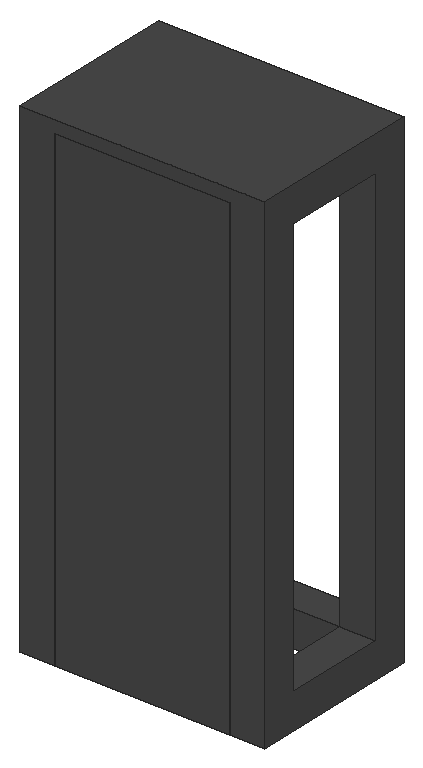
Revit family "3-722-xx Aperto", category Lighting Fixtures, host Wall, Revit 2018
Family settings
  Host = Wall
  Round Connector Dimension = Use Diameter
  Part Type = Normal
  OmniClass Number = 23.80.70.00
  OmniClass Title = Lighting
  Always vertical = Yes
  Cut with Voids When Loaded = No
  Light Source = Yes
  Shared = No
  Room Calculation Point = No
Parameters (values of type "3-722-15 / Black - White Frost Glass")
  Width = 6.00"
  Wattage Comments = "12.0 W at 120 V"  # constant formula
  Wattage = 12 W
  built-in parameter 1150110 = 1 (stored number, unit not read)
  Voltage Input = "120 V or 277 V - 50/60 Hz"  # constant formula
  Voltage = 120 V
  URL = "www.oxygenlighting.com"
  built-in parameter 1114217 = 1 (stored number, unit not read)
  Tilt Angle = 0.00°
  built-in parameter 1150109 = 1 (stored number, unit not read)
  built-in parameter 1150134 = (empty or 0)
  built-in parameter 1150113 = 1 (stored number, unit not read)
  References = "Ref. 3 = 120 V / Ref. 37 = 277 V"  # constant formula
  Photometric Web File = "3-722-15 Aperto Outdoor.ies"
  Model = "3-722-xx Aperto Outdoor"  # constant formula
  Metal Finish = 15 - Black
  Manufacturer = "Oxygen - Lighting & Fans"  # constant formula
  Main Diffuser = White Frost Glass
  Lumens = 464.4 lm
  built-in parameter 1150115 = 1 (stored number, unit not read)
  built-in parameter 1150105 = 36.956 (stored number, unit not read)
  built-in parameter 1150137 = (empty or 0)
  built-in parameter 1150139 = (empty or 0)
  Length = 4.25"
  built-in parameter 1150112 = 1 (stored number, unit not read)
  built-in parameter 1150114 = 1 (stored number, unit not read)
  Lamp = "LED Array"  # constant formula
  built-in parameter 1150132 = (empty or 0)
  built-in parameter 1150102 = (empty or 0)
  built-in parameter 1150138 = (empty or 0)
  built-in parameter 1150107 = 3000 (stored number, unit not read)
  built-in parameter 1150106 = 0.36956 (stored number, unit not read)
  Height = 12.00"
  built-in parameter 1150104 = 3.5953 (stored number, unit not read)
  Dimming Lamp Color Temperature Shift = <None>
  Diffuser Height = 11.33858"
  Color Filter = 16777215
  built-in parameter 1114218 = 1 (stored number, unit not read)
  built-in parameter 1150133 = 10 (stored number, unit not read)
Reference planes (in)
  plane 1: y = 0
  plane 2 "Light Source Axis (F/B)": y = 5.125
  plane 3 "Light Source Axis (L/R)": x = -1.43133
  plane 4 "Light Source Elevation": z = 77.42225
  plane 5 "Wall Face": y = 3
  plane 6: y = 7.25
Forms (in)
  Extrusion 1, solid, material "15 - Black" <- "Metal Finish"
    sketch origin (0, 3, 0) x (1, 0, 0) y (0, 0, 1)
      loop
        line (1.56867, 83.42225) -> (-4.43133, 83.42225) -> (-4.43133, 71.42225) -> (1.56867, 71.42225) -> (1.56867, 83.42225)
      loop
        line (-3.56518, 72.28839) -> (0.70253, 72.28839) -> (0.70253, 82.55611) -> (-3.56518, 82.55611) -> (-3.56518, 72.28839)
    from -4.25 to -3.38386
  Revolve 2, solid, material "White Frost Glass" <- "Main Diffuser"
    sketch origin (0, 5.125, 0) x (1, 0, 0) y (0, 0, 1)
      loop
        line (-1.43133, 83.09154) -> (-2.61243, 83.09154) -> (-2.61243, 71.75296) -> (-1.43133, 71.75296) -> (-1.43133, 83.09154)
      axis (-1.43133, 71.75296) -> (-1.43133, 83.09154)
    angle from 0 to 360
  Revolve 3, solid, material "15 - Black" <- "Metal Finish"
    sketch origin (0, 5.125, 0) x (1, 0, 0) y (0, 0, 1)
      loop
        line (-1.43133, 71.75296) -> (-2.61243, 71.75296) -> (-2.61243, 71.57065) -> (-1.43133, 71.57065) -> (-1.43133, 71.75296)
      axis (-1.43133, 71.57065) -> (-1.43133, 71.75296)
    angle from 0 to 360
  Extrusion 4, solid, material "15 - Black" <- "Metal Finish"
    sketch origin (-1.43133, 0, 0) x (0, -1, 0) y (0, 0, 1)
      loop
        line (-6.38386, 83.42225) -> (-6.38386, 82.55611) -> (-3.86614, 82.55611) -> (-3.86614, 72.28839) -> (-6.38386, 72.28839) -> (-6.38386, 71.42225) -> (-3, 71.42225) -> (-3, 83.42225) -> (-6.38386, 83.42225)
    from -3 to -2.13386
  Extrusion 5, solid, material "15 - Black" <- "Metal Finish"
    sketch origin (-1.43133, 0, 0) x (0, -1, 0) y (0, 0, 1)
      loop
        line (-6.38386, 83.42225) -> (-6.38386, 82.55611) -> (-3.86614, 82.55611) -> (-3.86614, 72.28839) -> (-6.38386, 72.28839) -> (-6.38386, 71.42225) -> (-3, 71.42225) -> (-3, 83.42225) -> (-6.38386, 83.42225)
    from 2.13386 to 3
  Extrusion 6, solid, material "15 - Black" <- "Metal Finish"
    sketch origin (0, 5.125, 0) x (1, 0, 0) y (0, 0, 1)
      loop
        line (0.70253, 83.42225) -> (-3.56518, 83.42225) -> (-3.56518, 83.09154) -> (0.70253, 83.09154) -> (0.70253, 83.42225)
    from -1.25886 to 2.125
  Extrusion 7, solid, material "15 - Black" <- "Metal Finish"
    sketch origin (0, 5.125, 0) x (1, 0, 0) y (0, 0, 1)
      loop
        line (0.70253, 83.09154) -> (-3.56518, 83.09154) -> (-3.56518, 71.42225) -> (0.70253, 71.42225) -> (0.70253, 83.09154)
    from 1.21949 to 2.125
Cuts and joins
  joined: Extrusion 1, Extrusion 4, Extrusion 5, Extrusion 6
Text (in)
  text "Placement Side" at (0, 40.15149, 123.01588), in view "Right"
  text "Placement Side" at (-70.3804, 56.61594, 0), in view "Ref. Level"
  text "Placement Side" at (0, 47.49176, 140.59947), in view "Left"
Dimensions and locks (in)
  locked: Extrusion 1 sketch curve to Extrusion 1 sketch curve at 0.86614  (x4)
  "Width": Extrusion 1 to Extrusion 1
  equal spacing: Extrusion 1, imposter light, Extrusion 1
  "Height": Extrusion 1 to Extrusion 1
  locked: Revolve 2 sketch curve to plane 3 "Light Source Axis (L/R)" at 1.1811
  equal spacing: Revolve 2 sketch curve, plane 4 "Light Source Elevation", Revolve 2 sketch curve
  "Diffuser Height": Revolve 2 sketch curve to Revolve 2 sketch curve
  equal spacing: Extrusion 1, plane 4 "Light Source Elevation", Extrusion 1
  locked: Revolve 3 to Revolve 3 at 0.18231
  locked: Extrusion 4 sketch curve to Extrusion 4 sketch curve at 0.86614
  locked: Extrusion 5 sketch curve to Extrusion 5 sketch curve at 0.86614
  locked: Extrusion 4 to Extrusion 7 at 0.90551
  locked: cut or joined group of Extrusion 1, Extrusion 4, Extrusion 5, Extrusion 6 to cut or joined group of Extrusion 1, Extrusion 4, Extrusion 5, Extrusion 6 at 0.86614
  "Length": plane 5 "Wall Face" to plane 6
  equal spacing: plane 6, plane 2 "Light Source Axis (F/B)", plane 5 "Wall Face"
  aligned and locked: plane 3 "Light Source Axis (L/R)" to imposter light
  aligned and locked: plane 2 "Light Source Axis (F/B)" to imposter light
  aligned and locked: plane 4 "Light Source Elevation" to imposter light
  aligned and locked: imposter light to Revolve 2 sketch curve
  aligned and locked: plane 3 "Light Source Axis (L/R)" to Revolve 2 sketch curve
  aligned and locked: Revolve 3 to Revolve 2
  aligned and locked: Extrusion 1 to Extrusion 4 sketch curve  (x2)
  aligned and locked: Extrusion 4 sketch curve to Extrusion 1  (x4)
  aligned and locked: Extrusion 4 to Extrusion 1  (x2)
  aligned and locked: Extrusion 5 to Extrusion 1
  aligned and locked: Extrusion 1 to Extrusion 5
  aligned and locked: Extrusion 1 to Extrusion 5 sketch curve  (x2)
  aligned and locked: Extrusion 5 sketch curve to Extrusion 1
  aligned and locked: Extrusion 4 to Extrusion 5 sketch curve
  aligned and locked: Extrusion 1 to Extrusion 6 sketch curve
  aligned and locked: Extrusion 5 to Extrusion 6 sketch curve
  aligned and locked: Extrusion 6 sketch curve to Revolve 2
  aligned and locked: Extrusion 6 sketch curve to Extrusion 1
  aligned and locked: Extrusion 4 to Extrusion 6
  aligned and locked: Extrusion 7 sketch curve to Extrusion 1  (x3)
  aligned and locked: Extrusion 7 sketch curve to Extrusion 6
  aligned and locked: Extrusion 4 to Extrusion 7
  aligned and locked: Extrusion 6 to Extrusion 4
  aligned and locked: cut or joined group of Extrusion 1, Extrusion 4, Extrusion 5, Extrusion 6 to host wall  (x2)
  aligned and locked: cut or joined group of Extrusion 1, Extrusion 4, Extrusion 5, Extrusion 6 to cut or joined group of Extrusion 1, Extrusion 4, Extrusion 5, Extrusion 6  (x2)
  aligned and locked: plane 5 "Wall Face" to host wall
  aligned and locked: plane 6 to cut or joined group of Extrusion 1, Extrusion 4, Extrusion 5, Extrusion 6
Automatic sketch dimensions
  plane 3 "Light Source Axis (L/R)" to Revolve 3 sketch curve = 0.00"  (x2)
  plane 3 "Light Source Axis (L/R)" to Revolve 3 sketch curve = 1.1811"
  plane 4 "Light Source Elevation" to Revolve 3 sketch curve = 5.8516"
  Revolve 3 sketch curve to Revolve 3 sketch curve = 0.18231"
  Revolve 3 sketch curve to Revolve 3 sketch curve = 6.1484"
  Revolve 3 sketch curve to plane 4 "Light Source Elevation" = 12.00"
  host wall to Extrusion 4 sketch curve = 0.00"
  host wall to Extrusion 5 sketch curve = 0.00"
  Extrusion 5 sketch curve to plane 2 "Light Source Axis (F/B)" = 1.25886"  (x2)
  Revolve 2 sketch curve to Revolve 2 sketch curve = 6.39351"  (x2)
  plane 3 "Light Source Axis (L/R)" to Extrusion 1 sketch curve = 3.00"
  Extrusion 1 sketch curve to plane 3 "Light Source Axis (L/R)" = 2.13386"
  plane 4 "Light Source Elevation" to Extrusion 1 sketch curve = 6.00"
  Extrusion 1 sketch curve to plane 4 "Light Source Elevation" = 5.13386"
Connectors (in)
  electrical at (-1.43133, 3, 77.33957), driven by "Voltage"
    settings: on cut or joined group of Extrusion 1, Extrusion 4, Extrusion 5, Extrusion 6, index 1, voltage 120 V, apparent load 0 VA, apparent load phase1 0 VA, apparent load phase2 0 VA, apparent load phase3 0 VA, power factor 1, load classification "Other", number of poles 1, system type 31, power factor state 1, is connector primary yes, connector utility no, sub classification motor no, connector description ""
